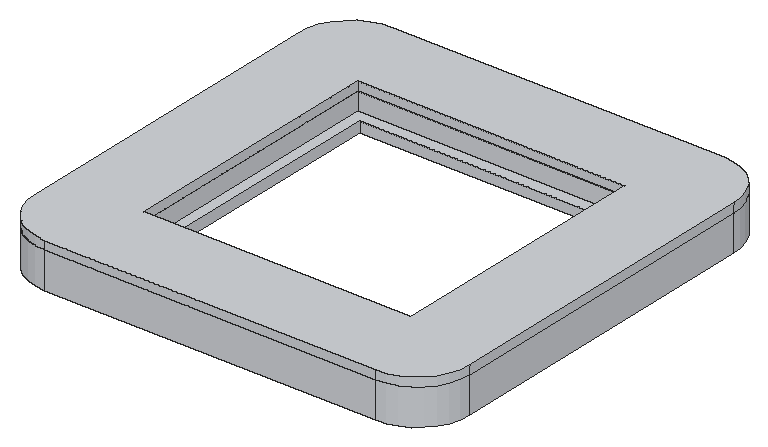
Revit family "Gira_0211423", category Electrical Fixtures, host Face, Revit 2017
Family settings
  Host = Face
  Maintain Annotation Orientation = No
  Round Connector Dimension = Use Diameter
  Part Type = Normal
  Cut with Voids When Loaded = No
  Shared = No
  Room Calculation Point = No
Parameters (values of type "Abdeckrahmen 1f Gira E3 Dklgrau/Anthrazit")
  Werkstoffgüte = "sonstige"
  Werkstoff = "sonstige"
  URL = "http://katalog.gira.de/de_DE/datenblatt.html?artikelnr=0211423"
  Transparent = "No"
  Textfeld/Beschriftungsfläche = "No"
  Schutzart (IP) = "IP20"
  Region = "DE"
  Oberfläche = "sonstige"
  Name = "Abdeckrahmen 1f Gira E3 Dklgrau/Anthrazit"
  Montagerichtung = "horizontal und vertikal"
  Mit Montagerahmen = "No"
  Mit Klappdeckel = "No"
  Manufacturer URL = "https://www.gira.de/"
  Keynote = "E3_Rahmen_1fach"
  HeinzeBIM = "https://bimportal.heinze.de/bim/abdeckrahmen-1f-gira-e3-dklgrau-anthrazit/583b878eb01e83113f9052b8ca3063965917b5de"
  Halogenfrei = "No"
  HAN = "0211423"
  Geeignet für Unterputz-Installation = "Yes"
  Geeignet für Unterflurkanaldose = "No"
  Geeignet für Geräteeinbaukanal = "No"
  Geeignet für Einbauinstallation = "No"
  GTIN = "4010337024088"
  Farbe = "grau"
  Default Elevation = 1219.2 mm
  Data sheet (1) = "https://katalog.gira.de/de_DE/download.html?artikelnr=0211423"
  Category = "Abdeckrahmen"
  Befestigungsart = "Klemmbefestigung"
  Available = "Yes"
  Anzahl der Einheiten vertikal = "1 "
  Anzahl der Einheiten horizontal = "1 "
  Anzahl der Einheiten = "1 "
Reference planes
  plane 1 "Center (Front/Back)": y = 0
  plane 2: z = 0
  plane 3 "Center (Left/Right)": x = 0
Forms (mm)
  Extrusion 1, solid, detail levels fine
    sketch origin (0, 0, 0) x (1, 0, 0) y (0, 1, 0)
      loop
        arc (-34.8, 45.809) -> (-42.585, 42.585) -> (-45.809, 34.8) r 11.009
        line (-45.809, 34.8) -> (-45.809, -34.8)
        arc (-45.809, -34.8) -> (-42.585, -42.585) -> (-34.8, -45.809) r 11.009
        line (-34.8, -45.809) -> (34.8, -45.809)
        arc (34.8, -45.809) -> (42.585, -42.585) -> (45.809, -34.8) r 11.009
        line (45.809, -34.8) -> (45.809, 34.8)
        arc (45.809, 34.8) -> (42.585, 42.585) -> (34.8, 45.809) r 11.009
        line (34.8, 45.809) -> (-34.8, 45.809)
      loop
        line (28.187, 28.156) -> (-28.187, 28.156) -> (-28.187, -28.156) -> (28.187, -28.156) -> (28.187, 28.156)
    from 7.65 to 9.5
  Extrusion 2, solid, detail levels fine
    sketch origin (0, 0, 0) x (1, 0, 0) y (0, 1, 0)
      loop
        line (25.7, 25.7) -> (-25.7, 25.7) -> (-25.7, -25.7) -> (25.7, -25.7) -> (25.7, 25.7)
      loop
        line (-28.187, -28.156) -> (28.187, -28.156) -> (28.187, 28.156) -> (-28.187, 28.156) -> (-28.187, -28.156)
    from 1.65 to 3.9
  Extrusion 3, solid, detail levels fine
    sketch origin (0, 0, 0) x (1, 0, 0) y (0, 1, 0)
      loop
        arc (-34.8, 45.809) -> (-42.585, 42.585) -> (-45.809, 34.8) r 11.009
        line (-45.809, 34.8) -> (-45.809, -34.8)
        arc (-45.809, -34.8) -> (-42.585, -42.585) -> (-34.8, -45.809) r 11.009
        line (-34.8, -45.809) -> (34.8, -45.809)
        arc (34.8, -45.809) -> (42.585, -42.585) -> (45.809, -34.8) r 11.009
        line (45.809, -34.8) -> (45.809, 34.8)
        arc (45.809, 34.8) -> (42.585, 42.585) -> (34.8, 45.809) r 11.009
        line (34.8, 45.809) -> (-34.8, 45.809)
      loop
        line (-43.843, 34.785) -> (-43.843, -34.785)
        arc (-43.843, -34.785) -> (-41.19, -41.19) -> (-34.785, -43.843) r 9.058
        line (-34.785, -43.843) -> (34.785, -43.843)
        arc (34.785, -43.843) -> (41.19, -41.19) -> (43.843, -34.785) r 9.058
        line (43.843, -34.785) -> (43.843, 34.785)
        arc (43.843, 34.785) -> (41.19, 41.19) -> (34.785, 43.843) r 9.058
        line (34.785, 43.843) -> (-34.785, 43.843)
        arc (-34.785, 43.843) -> (-41.19, 41.19) -> (-43.843, 34.785) r 9.058
    from 0 to 7.65
  Extrusion 4, solid, detail levels fine
    sketch origin (0, 0, 0) x (1, 0, 0) y (0, 1, 0)
      loop
        line (-27.337, -31.075) -> (27.337, -31.075)
        arc (27.337, -31.075) -> (29.98, -29.98) -> (31.075, -27.337) r 3.739
        line (31.075, -27.337) -> (31.075, 27.337)
        arc (31.075, 27.337) -> (29.98, 29.98) -> (27.337, 31.075) r 3.739
        line (27.337, 31.075) -> (-27.337, 31.075)
        arc (-27.337, 31.075) -> (-29.98, 29.98) -> (-31.075, 27.337) r 3.739
        line (-31.075, 27.337) -> (-31.075, -27.337)
        arc (-31.075, -27.337) -> (-29.98, -29.98) -> (-27.337, -31.075) r 3.739
      loop
        line (-29.925, 27.537) -> (-29.925, -27.537)
        arc (-29.925, -27.537) -> (-29.226, -29.226) -> (-27.537, -29.925) r 2.389
        line (-27.537, -29.925) -> (27.537, -29.925)
        arc (27.537, -29.925) -> (29.226, -29.226) -> (29.925, -27.537) r 2.389
        line (29.925, -27.537) -> (29.925, 27.537)
        arc (29.925, 27.537) -> (29.226, 29.226) -> (27.537, 29.925) r 2.389
        line (27.537, 29.925) -> (-27.537, 29.925)
        arc (-27.537, 29.925) -> (-29.226, 29.226) -> (-29.925, 27.537) r 2.389
    from 1.65 to 7.65
  Extrusion 5, solid, detail levels fine
    sketch origin (0, 0, 0) x (1, 0, 0) y (0, 1, 0)
      loop
        line (-32.053, -39.8) -> (32.053, -39.8)
        arc (32.053, -39.8) -> (37.667, -36.708) -> (39.9, -30.7) r 9.2
        line (39.9, -30.7) -> (39.9, 30.7)
        arc (39.9, 30.7) -> (37.205, 37.205) -> (30.7, 39.9) r 9.2
        line (30.7, 39.9) -> (-30.7, 39.9)
        arc (-30.7, 39.9) -> (-37.205, 37.205) -> (-39.9, 30.7) r 9.2
        line (-39.9, 30.7) -> (-39.9, -30.7)
        arc (-39.9, -30.7) -> (-37.667, -36.708) -> (-32.053, -39.8) r 9.2
      loop
        line (-30.7, -31.7) -> (30.7, -31.7)
        arc (30.7, -31.7) -> (31.407, -31.407) -> (31.7, -30.7) r 1
        line (31.7, -30.7) -> (31.7, 30.7)
        arc (31.7, 30.7) -> (31.407, 31.407) -> (30.7, 31.7) r 1
        line (30.7, 31.7) -> (-30.7, 31.7)
        arc (-30.7, 31.7) -> (-31.407, 31.407) -> (-31.7, 30.7) r 1
        line (-31.7, 30.7) -> (-31.7, -30.7)
        arc (-31.7, -30.7) -> (-31.407, -31.407) -> (-30.7, -31.7) r 1
    from 1.65 to 3.9
  Extrusion 6, solid, detail levels fine
    sketch origin (0, 0, 0) x (1, 0, 0) y (0, 1, 0)
      loop
        line (-28.187, 28.156) -> (-28.187, -28.156) -> (28.187, -28.156) -> (28.187, 28.156) -> (-28.187, 28.156)
      loop
        line (-29.925, 29.925) -> (-29.925, -29.925) -> (29.925, -29.925) -> (29.925, 29.925) -> (-29.925, 29.925)
    from 1.65 to 7.65
  Extrusion 7, solid, detail levels coarse+medium
    sketch origin (0, 0, 0) x (1, 0, 0) y (0, 1, 0)
      loop
        line (-45.809, 45.809) -> (-45.809, -45.809) -> (45.809, -45.809) -> (45.809, 45.809) -> (-45.809, 45.809)
    from 0 to 9.5
Lines and regions (mm)
  reference lines
    curve 1: line (0, 45.809, 0) -> (0, -45.809, 0)
Dimensions and locks
  aligned and locked: plane 2 to host face
  aligned and locked: level to host face
